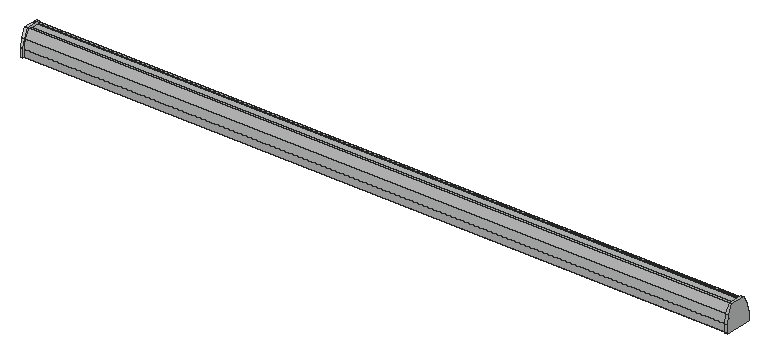
Revit family "LIRA", category Осветительные приборы, Revit 2019 (continued)
Types (6, lengths in mm): name | built-in parameter 1150134 | built-in parameter 1150105 | Lumens | built-in parameter 1150106 | built-in parameter 1150142 | Wattage | built-in parameter 1150107 | Emit from Rectangle Length | Длина | ADSK_Ток | ADSK_Полная мощность | ADSK_Обозначение | ADSK_Номинальная мощность | ADSK_Наименование | ADSK_Масса | ADSK_Код изделия
  LIRA-38/OPAL-2400/IP65  (4000К, серый) | 12 | 342.18 (stored number, unit not read) | 4300 lm | 3.4218 (stored number, unit not read) | "IESNA:LM-63-95\r\n[TEST] Протокол № 50\r\n[DATA] 17.06.2016\r\n[MORE] \r\n[MANUFAC] ЗАО \"Центрстройсвет\"\r\n[LUMCAT]  Светильник OPERLUX-34/PRISMA-(588x588) \r\n[LUMINAIRE]\r\n[LAMPCAT] Светодиоды\r\n[LAMP] Поток источника света (светодиодов) не известен\r\n[MORE] КСС приведена в абсолютных величинах кд\r\n[MORE] Вместо потока лампы, указан поток светильника.\r\nTILT=NONE\r\n1    3050 1.0 37 73 1 2 0.588 0.588 0.08\r\n1.0 1.0 34\r\n0.0 5.0 10.0 15.0 20.0 25.0 30.0 35.0 40.0 45.0 50.0 55.0 60.0 65.0 70.0 75.0 80.0 85.0 90.0 95.0 100.0 105.0 110.0 115.0 120.0 125.0 130.0 135.0 140.0 145.0 150.0 155.0 160.0 165.0 170.0 175.0 180.0\r\n0.0 5.0 10.0 15.0 20.0 25.0 30.0 35.0 40.0 45.0 50.0 55.0 60.0 65.0 70.0 75.0 80.0 85.0 90.0 95.0 100.0 105.0 110.0 115.0 120.0 125.0 130.0 135.0 140.0 145.0 150.0 155.0 160.0 165.0 170.0 175.0 180.0 185.0 190.0 195.0 200.0 205.0 210.0 215.0 220.0 225.0 230.0 235.0 240.0 245.0 250.0 255.0 260.0 265.0 270.0 275.0 280.0 285.0 290.0 295.0 300.0 305.0 310.0 315.0 320.0 325.0 330.0 335.0 340.0 345.0 350.0 355.0 360.0\r\n1367.8 1364.1 1339.9 1310.7 1251.0 1171.4 1077.9 956.5 826.9 709.2 591.4 468.7 352.2 267.2 190.7 130.0 88.6 43.5 5.5 0.0 0.0 0.0 0.0 0.0 0.0 0.0 0.0 0.0 0.0 0.0 0.0 0.0 0.0 0.0 0.0 0.0 0.0\r\n1367.8 1365.7 1344.6 1309.2 1251.5 1175.2 1073.4 954.2 830.4 711.2 594.6 469.5 356.0 268.7 191.9 132.6 89.9 43.9 6.3 0.0 0.0 0.0 0.0 0.0 0.0 0.0 0.0 0.0 0.0 0.0 0.0 0.0 0.0 0.0 0.0 0.0 0.0\r\n1367.8 1367.4 1347.2 1302.8 1251.5 1178.6 1078.4 958.6 835.1 714.0 597.2 474.3 359.6 268.7 192.7 135.6 92.1 44.3 6.9 0.0 0.0 0.0 0.0 0.0 0.0 0.0 0.0 0.0 0.0 0.0 0.0 0.0 0.0 0.0 0.0 0.0 0.0\r\n1367.8 1368.2 1346.2 1303.1 1250.1 1177.1 1081.4 960.9 838.1 716.2 597.6 475.0 358.6 266.4 190.9 134.8 91.7 44.9 7.0 0.0 0.0 0.0 0.0 0.0 0.0 0.0 0.0 0.0 0.0 0.0 0.0 0.0 0.0 0.0 0.0 0.0 0.0\r\n1367.8 1367.7 1343.5 1306.2 1256.1 1180.0 1081.0 961.6 838.1 714.0 595.7 473.1 356.8 262.2 188.3 132.8 89.3 43.7 6.6 0.0 0.0 0.0 0.0 0.0 0.0 0.0 0.0 0.0 0.0 0.0 0.0 0.0 0.0 0.0 0.0 0.0 0.0\r\n1367.8 1366.2 1344.8 1309.0 1256.2 1184.6 1080.4 962.6 836.8 714.8 593.8 469.6 354.4 260.1 184.9 130.4 88.4 44.2 6.5 0.0 0.0 0.0 0.0 0.0 0.0 0.0 0.0 0.0 0.0 0.0 0.0 0.0 0.0 0.0 0.0 0.0 0.0\r\n1367.8 1364.3 1347.6 1312.1 1259.9 1177.4 1078.5 968.2 849.1 721.6 596.0 467.2 355.0 257.4 183.3 127.1 87.5 45.4 6.5 0.0 0.0 0.0 0.0 0.0 0.0 0.0 0.0 0.0 0.0 0.0 0.0 0.0 0.0 0.0 0.0 0.0 0.0\r\n1367.8 1363.3 1348.8 1312.0 1262.8 1181.2 1077.4 968.8 853.2 730.0 597.2 466.8 353.5 256.9 181.1 124.8 87.2 45.9 6.9 0.0 0.0 0.0 0.0 0.0 0.0 0.0 0.0 0.0 0.0 0.0 0.0 0.0 0.0 0.0 0.0 0.0 0.0\r\n1367.8 1364.0 1350.3 1308.2 1255.9 1182.2 1079.9 969.0 856.0 734.3 601.1 468.4 352.6 254.4 178.0 121.7 85.5 45.0 6.9 0.0 0.0 0.0 0.0 0.0 0.0 0.0 0.0 0.0 0.0 0.0 0.0 0.0 0.0 0.0 0.0 0.0 0.0\r\n1367.8 1364.9 1349.2 1313.0 1259.2 1178.2 1076.4 970.7 860.9 740.8 606.9 469.1 350.2 254.0 175.6 117.8 83.6 43.4 6.7 0.0 0.0 0.0 0.0 0.0 0.0 0.0 0.0 0.0 0.0 0.0 0.0 0.0 0.0 0.0 0.0 0.0 0.0\r\n1367.8 1365.0 1348.6 1315.3 1261.5 1184.1 1082.6 973.9 862.8 745.2 607.9 469.0 350.5 253.1 173.2 116.2 81.4 42.4 6.5 0.0 0.0 0.0 0.0 0.0 0.0 0.0 0.0 0.0 0.0 0.0 0.0 0.0 0.0 0.0 0.0 0.0 0.0\r\n1367.8 1364.4 1347.9 1315.3 1258.7 1186.3 1085.9 970.5 862.2 747.0 613.0 468.8 350.2 252.8 173.4 116.6 79.8 40.9 6.7 0.0 0.0 0.0 0.0 0.0 0.0 0.0 0.0 0.0 0.0 0.0 0.0 0.0 0.0 0.0 0.0 0.0 0.0\r\n1367.8 1363.4 1347.0 1308.3 1258.6 1184.3 1089.8 973.9 867.7 742.3 606.2 467.0 350.0 252.6 175.4 119.1 79.8 42.1 7.1 0.0 0.0 0.0 0.0 0.0 0.0 0.0 0.0 0.0 0.0 0.0 0.0 0.0 0.0 0.0 0.0 0.0 0.0\r\n1367.8 1362.6 1348.4 1308.2 1261.4 1190.2 1088.3 978.6 869.6 744.0 601.1 462.4 350.2 253.6 175.9 123.0 83.5 45.3 7.8 0.0 0.0 0.0 0.0 0.0 0.0 0.0 0.0 0.0 0.0 0.0 0.0 0.0 0.0 0.0 0.0 0.0 0.0\r\n1367.8 1362.3 1347.3 1311.1 1262.3 1191.1 1093.6 982.5 872.1 746.6 597.2 461.1 348.8 251.4 176.3 127.6 89.2 48.5 7.9 0.0 0.0 0.0 0.0 0.0 0.0 0.0 0.0 0.0 0.0 0.0 0.0 0.0 0.0 0.0 0.0 0.0 0.0\r\n1367.8 1362.5 1345.8 1316.1 1260.6 1190.3 1096.8 982.6 873.3 743.8 593.1 456.4 347.2 250.6 175.7 130.9 94.2 51.8 9.3 0.0 0.0 0.0 0.0 0.0 0.0 0.0 0.0 0.0 0.0 0.0 0.0 0.0 0.0 0.0 0.0 0.0 0.0\r\n1367.8 1363.2 1345.2 1315.5 1267.1 1195.5 1096.1 995.9 871.3 740.3 589.0 455.0 342.8 246.9 174.2 131.9 97.1 52.4 10.1 0.0 0.0 0.0 0.0 0.0 0.0 0.0 0.0 0.0 0.0 0.0 0.0 0.0 0.0 0.0 0.0 0.0 0.0\r\n1367.8 1364.5 1346.0 1317.2 1264.0 1194.7 1102.6 991.8 873.9 736.2 584.7 454.3 338.6 243.0 171.3 130.1 99.3 53.7 9.5 0.0 0.0 0.0 0.0 0.0 0.0 0.0 0.0 0.0 0.0 0.0 0.0 0.0 0.0 0.0 0.0 0.0 0.0\r\n1367.8 1365.9 1346.4 1317.1 1264.0 1198.2 1105.3 994.6 872.6 727.7 582.0 451.8 335.8 239.9 168.3 127.6 100.0 55.8 7.5 0.0 0.0 0.0 0.0 0.0 0.0 0.0 0.0 0.0 0.0 0.0 0.0 0.0 0.0 0.0 0.0 0.0 0.0\r\n1367.8 1366.3 1344.9 1317.5 1265.6 1200.4 1108.2 997.2 868.8 722.7 575.8 446.5 333.1 238.4 167.7 126.3 98.1 56.1 8.8 0.0 0.0 0.0 0.0 0.0 0.0 0.0 0.0 0.0 0.0 0.0 0.0 0.0 0.0 0.0 0.0 0.0 0.0\r\n1367.8 1365.9 1344.0 1313.0 1263.2 1200.6 1104.3 997.0 862.7 720.9 568.5 441.0 331.7 237.8 167.7 126.3 96.7 53.7 9.4 0.0 0.0 0.0 0.0 0.0 0.0 0.0 0.0 0.0 0.0 0.0 0.0 0.0 0.0 0.0 0.0 0.0 0.0\r\n1367.8 1365.3 1346.1 1312.6 1263.0 1198.3 1108.1 995.3 861.6 712.7 563.4 437.4 331.4 236.8 165.9 124.7 95.3 55.2 9.1 0.0 0.0 0.0 0.0 0.0 0.0 0.0 0.0 0.0 0.0 0.0 0.0 0.0 0.0 0.0 0.0 0.0 0.0\r\n1367.8 1364.9 1349.2 1313.0 1262.9 1199.0 1108.3 993.8 855.7 710.3 563.1 435.2 329.9 233.9 163.4 121.6 92.0 55.1 8.8 0.0 0.0 0.0 0.0 0.0 0.0 0.0 0.0 0.0 0.0 0.0 0.0 0.0 0.0 0.0 0.0 0.0 0.0\r\n1367.8 1364.1 1352.0 1313.2 1259.2 1197.0 1104.6 988.6 849.9 704.2 562.4 433.5 327.9 230.5 158.4 116.9 87.6 51.4 7.8 0.0 0.0 0.0 0.0 0.0 0.0 0.0 0.0 0.0 0.0 0.0 0.0 0.0 0.0 0.0 0.0 0.0 0.0\r\n1367.8 1363.0 1349.6 1313.3 1257.8 1193.2 1098.7 980.1 848.0 708.1 565.6 433.4 325.1 228.0 154.2 111.3 83.7 49.7 7.5 0.0 0.0 0.0 0.0 0.0 0.0 0.0 0.0 0.0 0.0 0.0 0.0 0.0 0.0 0.0 0.0 0.0 0.0\r\n1367.8 1361.9 1346.7 1314.1 1256.8 1193.2 1093.6 977.6 847.2 708.6 569.1 434.8 324.5 225.9 151.7 107.5 81.6 48.9 7.3 0.0 0.0 0.0 0.0 0.0 0.0 0.0 0.0 0.0 0.0 0.0 0.0 0.0 0.0 0.0 0.0 0.0 0.0\r\n1367.8 1361.2 1345.0 1309.5 1261.1 1193.3 1089.9 973.2 851.1 709.3 572.7 435.0 323.4 225.4 152.1 105.8 80.4 49.9 7.3 0.0 0.0 0.0 0.0 0.0 0.0 0.0 0.0 0.0 0.0 0.0 0.0 0.0 0.0 0.0 0.0 0.0 0.0\r\n1367.8 1360.5 1345.3 1307.2 1258.6 1186.4 1085.9 974.0 847.9 714.1 575.5 436.8 321.2 223.3 152.0 105.2 79.8 49.6 8.0 0.0 0.0 0.0 0.0 0.0 0.0 0.0 0.0 0.0 0.0 0.0 0.0 0.0 0.0 0.0 0.0 0.0 0.0\r\n1367.8 1360.0 1344.3 1308.1 1257.8 1178.2 1085.3 975.1 848.7 715.2 575.4 439.1 318.7 223.0 150.8 104.3 79.3 49.5 8.2 0.0 0.0 0.0 0.0 0.0 0.0 0.0 0.0 0.0 0.0 0.0 0.0 0.0 0.0 0.0 0.0 0.0 0.0\r\n1367.8 1360.5 1346.2 1311.6 1256.3 1174.7 1082.9 978.6 851.4 710.5 574.9 440.6 317.9 221.6 152.3 106.4 79.3 48.7 8.4 0.0 0.0 0.0 0.0 0.0 0.0 0.0 0.0 0.0 0.0 0.0 0.0 0.0 0.0 0.0 0.0 0.0 0.0\r\n1367.8 1361.9 1350.3 1309.3 1252.2 1172.6 1080.3 970.8 851.2 713.3 570.6 439.7 319.0 222.4 154.5 110.7 81.7 47.4 8.1 0.0 0.0 0.0 0.0 0.0 0.0 0.0 0.0 0.0 0.0 0.0 0.0 0.0 0.0 0.0 0.0 0.0 0.0\r\n1367.8 1363.7 1348.0 1307.6 1253.5 1171.4 1087.1 971.6 851.9 710.7 569.9 438.2 323.8 226.5 159.3 115.4 83.3 45.0 7.6 0.0 0.0 0.0 0.0 0.0 0.0 0.0 0.0 0.0 0.0 0.0 0.0 0.0 0.0 0.0 0.0 0.0 0.0\r\n1367.8 1365.3 1346.4 1312.3 1251.8 1172.7 1086.5 974.6 847.7 705.0 567.7 442.4 326.6 234.0 164.3 120.1 85.8 43.9 7.4 0.0 0.0 0.0 0.0 0.0 0.0 0.0 0.0 0.0 0.0 0.0 0.0 0.0 0.0 0.0 0.0 0.0 0.0\r\n1367.8 1366.2 1347.0 1309.1 1250.4 1170.7 1085.2 978.5 846.6 705.8 567.4 441.3 331.1 236.3 167.7 122.8 88.4 45.0 8.1 0.0 0.0 0.0 0.0 0.0 0.0 0.0 0.0 0.0 0.0 0.0 0.0 0.0 0.0 0.0 0.0 0.0 0.0\r\n1367.8 1366.0 1347.9 1306.2 1240.5 1166.7 1082.2 977.2 844.2 702.8 566.8 442.7 335.1 241.3 169.7 123.7 90.0 45.9 9.2 0.0 0.0 0.0 0.0 0.0 0.0 0.0 0.0 0.0 0.0 0.0 0.0 0.0 0.0 0.0 0.0 0.0 0.0\r\n1367.8 1364.3 1346.5 1311.7 1250.6 1170.3 1080.9 980.5 844.4 703.8 569.8 446.4 334.2 240.3 169.5 121.7 87.9 46.9 9.3 0.0 0.0 0.0 0.0 0.0 0.0 0.0 0.0 0.0 0.0 0.0 0.0 0.0 0.0 0.0 0.0 0.0 0.0\r\n1367.8 1361.6 1341.0 1307.3 1249.6 1169.2 1088.8 980.5 845.1 706.2 571.7 444.8 333.0 238.4 168.9 120.7 87.1 47.8 7.8 0.0 0.0 0.0 0.0 0.0 0.0 0.0 0.0 0.0 0.0 0.0 0.0 0.0 0.0 0.0 0.0 0.0 0.0\r\n1367.8 1359.4 1337.2 1303.3 1252.4 1170.4 1080.4 978.1 841.4 701.4 566.4 444.4 333.5 241.2 169.4 122.2 88.2 47.2 9.5 0.0 0.0 0.0 0.0 0.0 0.0 0.0 0.0 0.0 0.0 0.0 0.0 0.0 0.0 0.0 0.0 0.0 0.0\r\n1367.8 1359.3 1342.6 1310.3 1242.7 1173.0 1078.8 976.3 844.8 702.0 565.3 440.7 332.8 240.9 169.9 123.5 89.5 46.1 9.1 0.0 0.0 0.0 0.0 0.0 0.0 0.0 0.0 0.0 0.0 0.0 0.0 0.0 0.0 0.0 0.0 0.0 0.0\r\n1367.8 1361.3 1345.4 1306.4 1248.2 1167.7 1080.4 980.5 846.8 703.5 567.2 443.4 333.2 240.2 168.7 123.1 88.4 46.2 8.4 0.0 0.0 0.0 0.0 0.0 0.0 0.0 0.0 0.0 0.0 0.0 0.0 0.0 0.0 0.0 0.0 0.0 0.0\r\n1367.8 1364.4 1343.1 1308.2 1251.3 1170.9 1084.2 980.8 848.5 707.7 571.1 445.6 332.7 238.1 167.5 120.7 85.6 44.6 7.7 0.0 0.0 0.0 0.0 0.0 0.0 0.0 0.0 0.0 0.0 0.0 0.0 0.0 0.0 0.0 0.0 0.0 0.0\r\n1367.8 1366.7 1342.9 1310.2 1254.3 1176.8 1087.8 981.7 853.4 711.9 574.2 446.0 329.4 232.8 162.6 116.6 83.7 45.3 8.1 0.0 0.0 0.0 0.0 0.0 0.0 0.0 0.0 0.0 0.0 0.0 0.0 0.0 0.0 0.0 0.0 0.0 0.0\r\n1367.8 1367.7 1346.5 1310.6 1258.1 1183.1 1085.5 978.6 854.1 714.2 577.9 448.7 327.1 229.4 158.3 112.1 82.0 47.9 9.0 0.0 0.0 0.0 0.0 0.0 0.0 0.0 0.0 0.0 0.0 0.0 0.0 0.0 0.0 0.0 0.0 0.0 0.0\r\n1367.8 1367.3 1348.0 1310.6 1262.6 1180.1 1086.5 982.6 856.7 719.8 579.9 448.7 324.7 226.8 155.7 107.8 80.3 50.1 9.5 0.0 0.0 0.0 0.0 0.0 0.0 0.0 0.0 0.0 0.0 0.0 0.0 0.0 0.0 0.0 0.0 0.0 0.0\r\n1367.8 1365.6 1348.6 1309.9 1259.0 1186.0 1089.0 979.4 855.0 722.2 584.2 450.5 325.6 227.6 155.8 107.2 80.5 51.4 9.6 0.0 0.0 0.0 0.0 0.0 0.0 0.0 0.0 0.0 0.0 0.0 0.0 0.0 0.0 0.0 0.0 0.0 0.0\r\n1367.8 1363.3 1347.7 1306.8 1261.1 1190.7 1095.5 982.3 860.8 723.2 585.7 446.3 327.8 230.3 158.2 109.3 81.7 51.4 9.3 0.0 0.0 0.0 0.0 0.0 0.0 0.0 0.0 0.0 0.0 0.0 0.0 0.0 0.0 0.0 0.0 0.0 0.0\r\n1367.8 1361.0 1344.4 1306.7 1264.4 1191.7 1095.0 984.8 858.7 723.1 583.6 444.8 328.4 232.3 158.6 109.9 81.8 51.7 9.0 0.0 0.0 0.0 0.0 0.0 0.0 0.0 0.0 0.0 0.0 0.0 0.0 0.0 0.0 0.0 0.0 0.0 0.0\r\n1367.8 1359.1 1344.3 1308.4 1263.8 1198.1 1102.2 989.8 861.5 721.8 582.8 444.8 331.3 233.7 158.6 111.1 83.0 50.9 8.9 0.0 0.0 0.0 0.0 0.0 0.0 0.0 0.0 0.0 0.0 0.0 0.0 0.0 0.0 0.0 0.0 0.0 0.0\r\n1367.8 1357.8 1346.5 1313.8 1263.6 1192.7 1107.0 996.3 859.5 718.8 579.1 442.9 332.1 234.9 160.7 114.1 84.6 51.0 9.2 0.0 0.0 0.0 0.0 0.0 0.0 0.0 0.0 0.0 0.0 0.0 0.0 0.0 0.0 0.0 0.0 0.0 0.0\r\n1367.8 1357.7 1347.3 1313.2 1264.3 1198.9 1108.1 998.6 864.9 718.7 573.2 441.1 332.1 237.8 164.0 118.2 87.5 52.0 9.8 0.0 0.0 0.0 0.0 0.0 0.0 0.0 0.0 0.0 0.0 0.0 0.0 0.0 0.0 0.0 0.0 0.0 0.0\r\n1367.8 1358.5 1346.9 1313.1 1266.5 1195.6 1112.2 1002.8 870.4 722.5 574.7 443.8 335.7 239.1 166.4 121.6 91.2 55.8 10.9 0.0 0.0 0.0 0.0 0.0 0.0 0.0 0.0 0.0 0.0 0.0 0.0 0.0 0.0 0.0 0.0 0.0 0.0\r\n1367.8 1359.8 1344.7 1312.9 1269.5 1203.1 1107.5 1002.6 874.5 724.4 574.3 444.8 335.5 240.3 169.6 124.4 94.2 56.9 11.6 0.0 0.0 0.0 0.0 0.0 0.0 0.0 0.0 0.0 0.0 0.0 0.0 0.0 0.0 0.0 0.0 0.0 0.0\r\n1367.8 1361.7 1344.5 1316.7 1266.1 1199.3 1111.1 1004.7 879.7 733.6 577.6 446.7 337.8 241.2 168.7 126.0 96.3 56.5 11.7 0.0 0.0 0.0 0.0 0.0 0.0 0.0 0.0 0.0 0.0 0.0 0.0 0.0 0.0 0.0 0.0 0.0 0.0\r\n1367.8 1363.9 1346.7 1316.2 1265.7 1198.1 1117.1 1006.7 882.1 737.2 586.5 450.4 338.9 242.3 167.8 125.5 98.6 58.1 10.5 0.0 0.0 0.0 0.0 0.0 0.0 0.0 0.0 0.0 0.0 0.0 0.0 0.0 0.0 0.0 0.0 0.0 0.0\r\n1367.8 1365.2 1345.4 1319.5 1265.7 1198.8 1109.1 1003.5 876.9 742.6 589.1 456.4 341.1 242.1 167.5 126.8 100.2 57.9 8.8 0.0 0.0 0.0 0.0 0.0 0.0 0.0 0.0 0.0 0.0 0.0 0.0 0.0 0.0 0.0 0.0 0.0 0.0\r\n1367.8 1365.0 1345.2 1312.9 1265.8 1199.0 1109.7 999.6 877.6 742.6 595.8 457.7 342.1 245.3 170.4 128.5 99.0 56.9 11.0 0.0 0.0 0.0 0.0 0.0 0.0 0.0 0.0 0.0 0.0 0.0 0.0 0.0 0.0 0.0 0.0 0.0 0.0\r\n1367.8 1364.1 1347.9 1311.6 1271.1 1195.3 1102.7 998.9 881.1 745.5 597.2 460.9 345.1 248.6 174.0 129.7 96.5 55.6 11.2 0.0 0.0 0.0 0.0 0.0 0.0 0.0 0.0 0.0 0.0 0.0 0.0 0.0 0.0 0.0 0.0 0.0 0.0\r\n1367.8 1363.0 1347.3 1314.0 1269.6 1192.3 1104.9 991.5 878.3 748.8 603.5 463.3 348.1 251.3 177.2 130.4 94.2 55.0 10.3 0.0 0.0 0.0 0.0 0.0 0.0 0.0 0.0 0.0 0.0 0.0 0.0 0.0 0.0 0.0 0.0 0.0 0.0\r\n1367.8 1362.4 1346.2 1314.7 1264.3 1194.7 1094.8 992.0 878.4 749.1 608.2 465.6 349.4 252.9 177.2 127.6 90.1 51.7 8.7 0.0 0.0 0.0 0.0 0.0 0.0 0.0 0.0 0.0 0.0 0.0 0.0 0.0 0.0 0.0 0.0 0.0 0.0\r\n1367.8 1362.7 1348.0 1314.5 1265.5 1196.6 1094.9 983.4 872.0 752.6 609.3 469.0 352.6 254.1 177.1 125.0 85.8 47.2 8.1 0.0 0.0 0.0 0.0 0.0 0.0 0.0 0.0 0.0 0.0 0.0 0.0 0.0 0.0 0.0 0.0 0.0 0.0\r\n1367.8 1362.9 1347.6 1317.1 1264.6 1191.1 1090.4 981.6 868.8 748.7 612.1 472.2 352.0 253.6 176.2 121.4 83.1 43.4 6.9 0.0 0.0 0.0 0.0 0.0 0.0 0.0 0.0 0.0 0.0 0.0 0.0 0.0 0.0 0.0 0.0 0.0 0.0\r\n1367.8 1362.5 1343.6 1318.7 1268.8 1192.3 1085.5 974.5 866.1 750.5 612.3 472.0 350.7 253.1 174.7 119.5 83.2 43.3 6.3 0.0 0.0 0.0 0.0 0.0 0.0 0.0 0.0 0.0 0.0 0.0 0.0 0.0 0.0 0.0 0.0 0.0 0.0\r\n1367.8 1362.1 1341.3 1317.3 1267.8 1185.0 1082.2 972.1 864.2 747.6 611.4 473.0 350.1 254.2 174.7 118.9 84.4 45.4 6.1 0.0 0.0 0.0 0.0 0.0 0.0 0.0 0.0 0.0 0.0 0.0 0.0 0.0 0.0 0.0 0.0 0.0 0.0\r\n1367.8 1362.2 1343.6 1308.9 1260.0 1189.4 1084.9 971.7 859.6 740.4 606.9 470.8 351.4 253.9 176.6 120.3 86.5 45.9 6.5 0.0 0.0 0.0 0.0 0.0 0.0 0.0 0.0 0.0 0.0 0.0 0.0 0.0 0.0 0.0 0.0 0.0 0.0\r\n1367.8 1363.0 1342.9 1314.5 1263.9 1184.9 1081.6 971.9 853.4 735.2 605.3 467.7 352.3 254.8 180.1 122.7 87.8 46.6 6.8 0.0 0.0 0.0 0.0 0.0 0.0 0.0 0.0 0.0 0.0 0.0 0.0 0.0 0.0 0.0 0.0 0.0 0.0\r\n1367.8 1364.3 1340.2 1313.1 1261.0 1182.5 1084.4 971.4 852.3 730.7 600.0 466.2 354.3 255.8 181.2 124.6 88.4 46.8 6.6 0.0 0.0 0.0 0.0 0.0 0.0 0.0 0.0 0.0 0.0 0.0 0.0 0.0 0.0 0.0 0.0 0.0 0.0\r\n1367.8 1365.9 1343.5 1308.2 1258.3 1181.3 1083.1 966.4 845.6 721.0 594.9 467.0 352.2 259.1 183.4 126.7 88.1 45.4 6.1 0.0 0.0 0.0 0.0 0.0 0.0 0.0 0.0 0.0 0.0 0.0 0.0 0.0 0.0 0.0 0.0 0.0 0.0\r\n1367.8 1366.3 1345.1 1308.7 1254.7 1177.8 1080.9 969.9 838.6 714.9 593.4 465.7 351.7 258.6 185.5 129.6 88.1 44.0 5.9 0.0 0.0 0.0 0.0 0.0 0.0 0.0 0.0 0.0 0.0 0.0 0.0 0.0 0.0 0.0 0.0 0.0 0.0\r\n1367.8 1364.5 1343.2 1306.3 1248.4 1177.3 1082.4 962.7 833.3 713.0 595.0 468.9 352.8 260.9 187.3 132.3 88.7 43.5 6.0 0.0 0.0 0.0 0.0 0.0 0.0 0.0 0.0 0.0 0.0 0.0 0.0 0.0 0.0 0.0 0.0 0.0 0.0\r\n1367.8 1362.4 1346.0 1305.7 1255.8 1170.9 1078.4 956.8 832.7 709.6 592.6 470.6 355.6 263.8 189.2 133.7 90.3 44.0 6.3 0.0 0.0 0.0 0.0 0.0 0.0 0.0 0.0 0.0 0.0 0.0 0.0 0.0 0.0 0.0 0.0 0.0 0.0\r\n1367.8 1362.0 1346.8 1311.0 1252.6 1177.3 1074.5 958.3 825.6 709.7 591.0 467.7 356.3 264.6 188.4 133.0 90.3 43.3 6.2 0.0 0.0 0.0 0.0 0.0 0.0 0.0 0.0 0.0 0.0 0.0 0.0 0.0 0.0 0.0 0.0 0.0 0.0\r\n1367.8 1363.0 1341.5 1311.3 1242.3 1175.5 1082.4 953.9 818.8 707.4 591.0 466.6 352.5 265.4 188.6 130.9 89.0 43.1 6.3 0.0 0.0 0.0 0.0 0.0 0.0 0.0 0.0 0.0 0.0 0.0 0.0 0.0 0.0 0.0 0.0 0.0 0.0\r\n1367.8 1364.1 1339.9 1310.7 1251.0 1171.4 1077.9 956.5 826.9 709.2 591.4 468.7 352.2 267.2 190.7 130.0 88.6 43.5 5.5 0.0 0.0 0.0 0.0 0.0 0.0 0.0 0.0 0.0 0.0 0.0 0.0 0.0 0.0 0.0 0.0 0.0 0.0\r\n" | 28.948 W | 4000 (stored number, unit not read) | 2400 | 2420 | 0.179584 A | 41.3043 VA | "LIRA-38/OPAL-2400/IP65  (4000К, серый)" | 38 W | "Светодиодный пылевлагозащищенный светильник LIRA-38/OPAL-2400/IP65  (4000К, серый)" | 5.5 | "ЦБ000009484"
  LIRA-38/OPAL-1200/IP65  (4000К, серый) | 12 | 310.35 (stored number, unit not read) | 3900 lm | 3.1035 (stored number, unit not read) | "IESNA:LM-63-1995\r\n[DATA] 07.04.2017\r\n[MANUFAC] Joint stock company Centrstroysvet\r\n[LUMCAT] LIRA-38/OPAL-1200\r\n[LUMINAIRE] For General illumination of public buildings and other similar premises\r\n[LAMP] LED\r\nTILT=NONE\r\n1 3804 3.804 91 2 1 2\r\n1.23 0.087 0.08\r\n1 1 37.5\r\n0 1 2 3 4 5 6 7 8 9 10 11 12 13 14 15 16 17 18 19 20 21 22 23 24 25 26 27 28 29 30 31 32 33 34 35 36 37 38 39 40 41 42 43 44 45 46 47 48 49 50 51 52 53 54 55 56 57 58 59 60 61 62 63 64 65 66 67 68 69 70 71 72 73 74 75 76 77 78 79 80 81 82 83 84 85 86 87 88 89 90 \r\n0 90 \r\n373.8 373.6 373.3 372.9 372.4 371.6 370.7 369.5 368.3 366.8 365.3 363.6 361.6 359.4 357.4 355 352.5 350 347 344.1 341.1 338.1 334.6 331.1 327.5 323.7 319.9 316 311.9 307.8 303.5 299.3 294.8 290.3 285.6 280.8 276 271.1 266.2 261.3 256.2 251.1 245.9 240.7 235.3 229.9 224.5 219.1 213.5 207.9 202.5 196.7 191.2 185.5 179.8 174.1 168.3 162.7 156.9 151.2 145.5 139.8 134 128.1 122.3 116.7 111 105.4 99.9 94.3 88.8 83.4 78 72.6 67.4 62.1 57.1 51.9 47 42.2 37.5 32.9 28.5 24.1 19.8 15.7 11.7 7.8 4.1 1.4 0\r\n373.8 373.7 373.4 372.9 372.5 371.5 370.7 369.7 368.4 367.1 365.5 363.9 361.9 360 358 355.6 353.1 350.5 347.8 344.9 342 339.2 335.8 332.3 329.1 325.5 321.7 317.8 313.9 309.9 305.7 301.3 297 292.7 288.2 283.7 279 274.2 269.4 264.2 259.4 254.5 249.4 244.2 239.1 233.7 228.5 223.3 217.8 212.3 206.7 201.4 195.8 190.1 184.4 178.8 173.2 167.5 161.6 155.7 149.9 144.1 138.4 132.3 126.4 120.5 114.7 108.8 103 97.2 91.4 85.7 80.1 74.5 68.9 63.4 58 52.7 47.6 42.4 37.7 33.1 28.5 24.1 19.9 16 12.2 8.6 5.2 2.4 0\r\n" | 26.2552 W | 4000 (stored number, unit not read) | 1230 | 1250 | 0.179584 A | 41.3043 VA | "LIRA-38/OPAL-1200/IP65  (4000К, серый)" | 38 W | "Светодиодный пылевлагозащищенный светильник LIRA-38/OPAL-1200/IP65  (4000К, серый)" | 2.8 | "ЦБ000009483"
